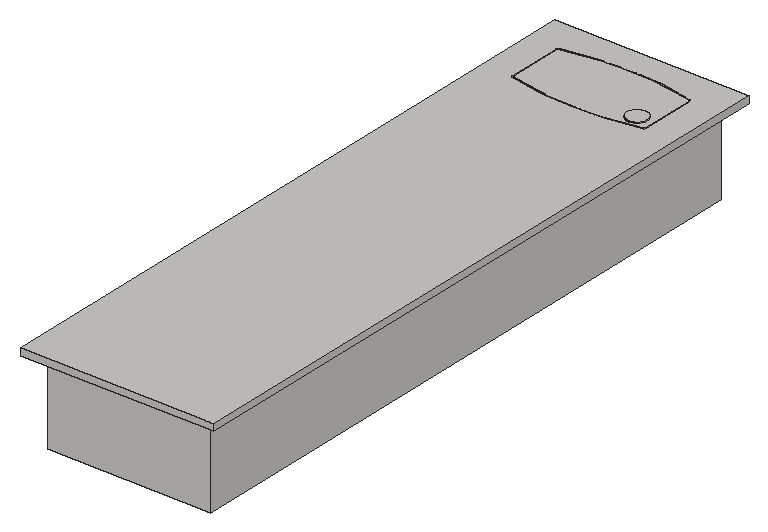
Revit family "Waste_Receptacle-Bradley_Corp-3157", category Specialty Equipment, host Face, Revit 2012
Parameters (values of type "Recessed")
  Width = 14 1/4"
  Warranty Information = "Complete unit, excepting mirrors warranted for one year.\r\n Stainless steel mirror frames for fifteen years.\r\n Plate glass mirrors for fifteen years.\r\n This warranty does not cover installation or any other labor charges and does not apply to any units,\r\n which have been damaged by accident, abuse, improper installation, improper maintenance, or altered in any way."
  Wall Opening Depth = 6 1/2"
  Version = "2.0"
  URL = "http://www.bradleycorp.com/"
  Type Comments = "Recessed"
  Technical Data = ""
  Specifications URL = "http://www.bradleycorp.com/3partspec"
  Product Tech Data URL - Spanish = ""
  Product Tech Data URL - French = ""
  Product Tech Data URL - English = "http://bradleycorp.com/download/211/8270.pdf"
  OmniClass Table 23 Title = "Installed Sanitary Waste Receptacles"
  OmniClass Table 23 Number = "23-21 43 23 11"
  OmniClass Table 21 Title = "Toilet, Bath, and Laundry Accessories"
  OmniClass Table 21 Number = "21-03 10 90 40"
  Modeling Code = ""
  Model = "3157-000000"
  MasterFormat Title = "Waste Receptacles"
  MasterFormat Number = "12 46 33"
  Manufacturer = "Bradley Corporation"
  Industry Standards = ""
  Height = 49 1/4"
  Fire Rating = "n/a"
  Description = "Waste Receptacle, 9.2 Gallon, Recessed"
  Depth of which projects = 1/2"
  Depth = 6 3/4"
  Default Elevation = 44"
  Copyright = "This Model Data is Property of Bradley Corporation"
  Collar Visibility = no
  Collar Depth Adjuster = 1/2"
  Cabinet Material = Bradley Corp Stainless Steel - Satin
  Buy American Act = "Yes"
  Assembly Code = "E1090200"
  ADA Compliant = "Yes"
Types (3): name | Wall Opening Depth | Type Comments | Model | Manufacturer | Description | Depth of which projects | Collar Visibility | Collar Depth Adjuster
  (no name) | 6 1/2" | "Recessed" | "3157-000000" | "Bradley Corporation" | "Waste Receptacle, 9.2 Gallon, Recessed" | 1/2" | no | 1/2"
  Recessed | 6 1/2" | "Recessed" | "3157-000000" | "Bradley Corporation" | "Waste Receptacle, 9.2 Gallon, Recessed" | 1/2" | no | 1/2"
  Semi-Recessed | 3" | "Semi-Recessed" | "3157-100000" | "Bradley Corp" | "Waste Receptacle, 9.2 Gallon, Semi-Recessed" | 3 3/4" | yes | 3 3/4"
Reference planes (in)
  plane 1 "Center (Front/Back)": y = 0
  plane 2: z = 0
  plane 3 "Center (Left/Right)": x = 0
  plane 4 "Front": z = 0.5
  plane 5 "Top": y = 24.625
  plane 6 "Left": x = 7.125
  plane 7 "Bottom": y = -24.625
  plane 8 "Right": x = -7.125
  plane 9 "Back": z = -6.25
  plane 10 "Panel": z = 0
  plane 11 "Collar": z = 0
  plane 12 "Center (Elevation)": y = 17.25
Forms (in)
  Extrusion 1, solid, material "Bradley Corp Stainless Steel - Satin" <- "Cabinet Material"
    sketch origin (0, 0, -6.25) x (-1, 0, 0) y (0, -1, 0)
      loop
        line (6, -23.5) -> (6, 23.5) -> (-6, 23.5) -> (-6, -23.5) -> (6, -23.5)
    from 0 to 6.25
  Extrusion 2, solid, material "Bradley Corp Stainless Steel - Satin" <- "Cabinet Material", detail levels coarse+medium
    sketch origin (0, 0, -6.25) x (-1, 0, 0) y (0, -1, 0)
      loop
        line (7.125, -24.625) -> (7.125, 24.625) -> (-7.125, 24.625) -> (-7.125, -24.625) -> (7.125, -24.625)
    from 6.25 to 6.75
  Extrusion 3, solid, material "Bradley Corp Stainless Steel - Satin" <- "Cabinet Material", detail levels fine
    sketch origin (0, 0, -6.25) x (-1, 0, 0) y (0, -1, 0)
      loop
        line (7.125, -24.625) -> (7.125, 24.625) -> (-7.125, 24.625) -> (-7.125, -24.625) -> (7.125, -24.625)
      loop
        line (4.95312, -21.95152) -> (4.95312, -18.04848)
        arc (4.95312, -18.04848) -> (4.89919, -17.89337) -> (4.76065, -17.80519) r 0.25
        arc (4.76065, -17.80519) -> (2.39646, -17.38927) -> (0, -17.25) r 20.68843
        arc (0, -17.25) -> (-2.39646, -17.38927) -> (-4.76065, -17.80519) r 20.68843
        arc (-4.76065, -17.80519) -> (-4.89919, -17.89337) -> (-4.95313, -18.04848) r 0.25
        line (-4.95313, -18.04848) -> (-4.95313, -21.95152)
        arc (-4.95313, -21.95152) -> (-4.89919, -22.10663) -> (-4.76065, -22.19481) r 0.25
        arc (-4.76065, -22.19481) -> (-2.39646, -22.61073) -> (0, -22.75) r 20.68843
        arc (0, -22.75) -> (2.39646, -22.61073) -> (4.76065, -22.19481) r 20.68843
        arc (4.76065, -22.19481) -> (4.89919, -22.10663) -> (4.95312, -21.95152) r 0.25
      loop
        arc (-4.73728, -22.09597) -> (0, -22.64844) -> (4.73728, -22.09597) r 20.58686
        arc (4.73728, -22.09597) -> (4.81954, -22.04361) -> (4.85156, -21.95152) r 0.14844
        line (4.85156, -21.95152) -> (4.85156, -18.04848)
        arc (4.85156, -18.04848) -> (4.81954, -17.95639) -> (4.73728, -17.90403) r 0.14844
        arc (4.73728, -17.90403) -> (-0.00703, -17.35156) -> (-4.75097, -17.90727) r 20.58686
        arc (-4.75097, -17.90727) -> (-4.82142, -17.93004) -> (-4.85156, -17.99766) r 0.09091
        line (-4.85156, -17.99766) -> (-4.85156, -21.95152)
        arc (-4.85156, -21.95152) -> (-4.81954, -22.04361) -> (-4.73728, -22.09597) r 0.14844
    from 6.25 to 6.75
  Extrusion 4, void
    sketch origin (0, 0, 0.5) x (-1, 0, 0) y (0, -1, 0)
      loop
        line (6.25, -23.75) -> (6.25, 23.75) -> (-6.25, 23.75) -> (-6.25, -23.75) -> (6.25, -23.75)
    from 0 to -7
  Extrusion 5, solid, material "Bradley Corp Stainless Steel - Satin" <- "Cabinet Material", detail levels fine
    sketch origin (-0.875, 0.5, 0) x (0, 1, 0) y (-1, 0, 0)
      loop
        circle (18.25, -4.5) r 0.75
    from 0.5 to 0.53125
Lines and regions (in)
  Split face 1
    outline origin (-0.875, 0.5, 0.53125) x (0, 1, 0) y (-1, 0, 0)
      loop
        line (18.38475, -4.10487) -> (17.64205, -4.20925) -> (17.64205, -4.76856) -> (18.38475, -4.87294) -> (18.38475, -4.83903) -> (17.69085, -4.7415) -> (17.69085, -4.23631) -> (18.38475, -4.13879) -> (18.38475, -4.10487)
  Split face 2
    outline origin (-0.875, 0.5, 0.53125) x (0, 1, 0) y (-1, 0, 0)
      loop
        line (18.27182, -4.25749) -> (18.00475, -4.52457)
        arc (18.00475, -4.52457) -> (18.1936, -4.60279) -> (18.27182, -4.79164) r 0.26708
        line (18.27182, -4.79164) -> (18.5389, -4.52457)
        arc (18.5389, -4.52457) -> (18.46067, -4.33572) -> (18.27182, -4.25749) r 0.26708
  Split face 3
    outline origin (-0.875, 0.5, 0.53125) x (0, 1, 0) y (-1, 0, 0)
      loop
        arc (18.87521, -4.8477) -> (18.91749, -4.63008) -> (18.87521, -4.41246) r 0.58124
        arc (18.87521, -4.41246) -> (18.73215, -4.27428) -> (18.53373, -4.28817) r 0.24445
        arc (18.53373, -4.28817) -> (18.71378, -4.41336) -> (18.76984, -4.62537) r 0.31771
        arc (18.76984, -4.62537) -> (18.69183, -4.57543) -> (18.64189, -4.49742) r 0.21615
        arc (18.64189, -4.49742) -> (18.67952, -4.70986) -> (18.78891, -4.89583) r 0.60851
        line (18.78891, -4.89583) -> (18.87521, -4.8477)
  Masking region 1
    outline origin (0, 0, 0.5) x (-1, 0, 0) y (0, -1, 0)
      loop
        line (7.125, -24.625) -> (7.125, 24.625) -> (-7.125, 24.625) -> (-7.125, -24.625) -> (7.125, -24.625)
  Masking region 2
    outline origin (0, 0, 0) x (1, 0, 0) y (0, 0, 1)
      loop
        line (-7.125, 0.5) -> (-7.125, 0) -> (7.125, 0) -> (7.125, 0.5) -> (-7.125, 0.5)
  Masking region 3
    outline origin (0, 0, 0) x (0, 1, 0) y (0, 0, 1)
      loop
        line (-24.625, 0.5) -> (-24.625, 0) -> (24.625, 0) -> (24.625, 0.5) -> (-24.625, 0.5)
  model lines, detail levels fine
    curve 1: circle (-5.625, 10.625, 0.5) r 0.5 normal (0, 0, 1)
    curve 2: circle (-5.625, -10.625, 0.5) r 0.5 normal (0, 0, 1)
    curve 15: circle (3.625, 18.75, 0) r 0.75 normal (0, 0, 1)
  model lines, visible <- "Collar Visibility", detail levels fine
    curve 3: line (7.125, -24.625, 0) -> (7.125, 24.625, 0)
    curve 4: line (7.125, 24.625, 0) -> (-7.125, 24.625, 0)
    curve 5: line (-7.125, 24.625, 0) -> (-7.125, -24.625, 0)
    curve 6: line (-7.125, -24.625, 0) -> (7.125, -24.625, 0)
  model lines, detail levels medium+fine
    curve 7: line (-4.95312, 18.02617, 0.5) -> (-4.95312, 21.95152, 0.5)
    curve 8: line (4.95313, 21.95152, 0.5) -> (4.95313, 18.04848, 0.5)
    curve 9: arc (-4.95312, 21.95152, 0.5) -> (-4.89919, 22.10663, 0.5) -> (-4.76065, 22.19481, 0.5) r 0.25
    curve 10: arc (-4.76065, 22.19481, 0.5) -> (0, 22.75, 0.5) -> (4.76065, 22.19481, 0.5) r 20.68843
    curve 11: arc (4.76065, 22.19481, 0.5) -> (4.89919, 22.10663, 0.5) -> (4.95313, 21.95152, 0.5) r 0.25
    curve 12: arc (4.95313, 18.04848, 0.5) -> (4.89919, 17.89337, 0.5) -> (4.76065, 17.80519, 0.5) r 0.25
    curve 13: arc (4.76065, 17.80519, 0.5) -> (0, 17.25, 0.5) -> (-4.76065, 17.80519, 0.5) r 20.68843
    curve 14: arc (-4.95312, 18.02617, 0.5) -> (-4.89826, 17.87965, 0.5) -> (-4.76065, 17.80519, 0.5) r 0.2231
  symbolic lines
    curve 16: arc (0, 22.75, 0.5) -> (2.39646, 22.61073, 0.5) -> (4.76065, 22.19481, 0.5) r 20.68843
    curve 17: arc (4.76065, 22.19481, 0.5) -> (4.89919, 22.10663, 0.5) -> (4.95313, 21.95152, 0.5) r 0.25
    curve 18: line (4.95313, 21.95152, 0.5) -> (4.95313, 18.04848, 0.5)
    curve 19: arc (4.95313, 18.04848, 0.5) -> (4.89919, 17.89337, 0.5) -> (4.76065, 17.80519, 0.5) r 0.25
    curve 20: arc (4.76065, 17.80519, 0.5) -> (2.39646, 17.38927, 0.5) -> (0, 17.25, 0.5) r 20.68843
    curve 21: arc (0, 17.25, 0.5) -> (-2.39646, 17.38927, 0.5) -> (-4.76065, 17.80519, 0.5) r 20.68843
    curve 22: arc (-4.76065, 17.80519, 0.5) -> (-4.89919, 17.89337, 0.5) -> (-4.95312, 18.04848, 0.5) r 0.25
    curve 23: line (-4.95312, 18.02617, 0.5) -> (-4.95312, 21.95152, 0.5)
    curve 24: arc (-4.95312, 21.95152, 0.5) -> (-4.89919, 22.10663, 0.5) -> (-4.76065, 22.19481, 0.5) r 0.25
    curve 25: arc (-4.76065, 22.19481, 0.5) -> (-2.39646, 22.61073, 0.5) -> (0, 22.75, 0.5) r 20.68843
  symbolic lines, detail levels medium+fine
    curve 26: circle (3.625, 18.75, 0.5) r 0.75 normal (0, 0, 1)
    curve 45: circle (-5.625, 10.625, 0.5) r 0.5 normal (0, 0, 1)
    curve 46: circle (-5.625, -10.625, 0.5) r 0.5 normal (0, 0, 1)
  symbolic lines, detail levels fine
    curve 27: arc (3.53746, 19.37521, 0.5) -> (3.39928, 19.23215, 0.5) -> (3.41317, 19.03373, 0.5) r 0.24445
    curve 28: arc (3.41317, 19.03373, 0.5) -> (3.53836, 19.21378, 0.5) -> (3.75037, 19.26984, 0.5) r 0.31771
    curve 29: arc (3.75037, 19.26984, 0.5) -> (3.70043, 19.19183, 0.5) -> (3.62242, 19.14189, 0.5) r 0.21615
    curve 30: arc (3.62242, 19.14189, 0.5) -> (3.83486, 19.17952, 0.5) -> (4.02083, 19.28891, 0.5) r 0.60851
    curve 31: line (4.02083, 19.28891, 0.5) -> (3.9727, 19.37521, 0.5)
    curve 32: arc (3.9727, 19.37521, 0.5) -> (3.75508, 19.41749, 0.5) -> (3.53746, 19.37521, 0.5) r 0.58124
    curve 33: arc (3.38249, 18.77182, 0.5) -> (3.46072, 18.96067, 0.5) -> (3.64957, 19.0389, 0.5) r 0.26708
    curve 34: line (3.64957, 19.0389, 0.5) -> (3.91664, 18.77182, 0.5)
    curve 35: arc (3.91664, 18.77182, 0.5) -> (3.72779, 18.6936, 0.5) -> (3.64957, 18.50475, 0.5) r 0.26708
    curve 36: line (3.64957, 18.50475, 0.5) -> (3.38249, 18.77182, 0.5)
    curve 37: line (3.33425, 18.14205, 0.5) -> (3.22987, 18.88475, 0.5)
    curve 38: line (3.22987, 18.88475, 0.5) -> (3.26379, 18.88475, 0.5)
    curve 39: line (3.26379, 18.88475, 0.5) -> (3.36131, 18.19085, 0.5)
    curve 40: line (3.36131, 18.19085, 0.5) -> (3.8665, 18.19085, 0.5)
    curve 41: line (3.8665, 18.19085, 0.5) -> (3.96403, 18.88475, 0.5)
    curve 42: line (3.96403, 18.88475, 0.5) -> (3.99794, 18.88475, 0.5)
    curve 43: line (3.99794, 18.88475, 0.5) -> (3.89356, 18.14205, 0.5)
    curve 44: line (3.89356, 18.14205, 0.5) -> (3.33425, 18.14205, 0.5)
Dimensions and locks (in)
  "Width": plane 8 "Right" to plane 6 "Left"
  "Height": plane 5 "Top" to plane 7 "Bottom"
  equal spacing: plane 7 "Bottom", plane 1 "Center (Front/Back)", plane 5 "Top"
  equal spacing: plane 8 "Right", plane 3 "Center (Left/Right)", plane 6 "Left"
  "Depth": plane 4 "Front" to plane 9 "Back"
  locked: Extrusion 1 sketch curve to Extrusion 1 sketch curve at 12
  locked: Extrusion 1 sketch curve to Extrusion 1 sketch curve at 47
  locked: Extrusion 1 sketch curve to plane 3 "Center (Left/Right)" at 6
  locked: plane 1 "Center (Front/Back)" to Extrusion 1 sketch curve at 23.5
  locked: plane 4 "Front" to plane 10 "Panel" at 0.5
  plane 5 "Top" to curve 1 = 14"
  plane 7 "Bottom" to curve 2 = 14"
  plane 8 "Right" to curve 2 = 1 1/2"
  plane 8 "Right" to curve 1 = 1 1/2"
  locked: Extrusion 3 sketch curve to Extrusion 3 sketch curve at 9.90625
  equal spacing: Extrusion 3 sketch curve, plane 3 "Center (Left/Right)", Extrusion 3 sketch curve
  locked: Extrusion 4 sketch curve to Extrusion 4 sketch curve at 12.5
  locked: Extrusion 4 sketch curve to Extrusion 4 sketch curve at 47.5
  locked: Extrusion 4 sketch curve to plane 3 "Center (Left/Right)" at 6.25
  locked: plane 1 "Center (Front/Back)" to Extrusion 4 sketch curve at 23.75
  "Wall Opening Depth": Extrusion 4 to plane 2
  "Collar Depth Adjuster": plane 4 "Front" to plane 11 "Collar"
  "Depth of which projects": plane 4 "Front" to plane 2
  locked: Extrusion 5 to plane 4 "Front" at 0.03125
  locked: plane 12 "Center (Elevation)" to curve 15 at 1.5
  locked: curve 15 to plane 6 "Left" at 3.5
  aligned and locked: plane 2 to host face
  aligned and locked: level to host face
  aligned and locked: Extrusion 1 to plane 9 "Back"
  aligned and locked: plane 10 "Panel" to Extrusion 1
  aligned and locked: Extrusion 2 sketch curve to plane 8 "Right"
  aligned and locked: Extrusion 2 sketch curve to plane 7 "Bottom"
  aligned and locked: Extrusion 2 sketch curve to plane 6 "Left"
  aligned and locked: Extrusion 2 sketch curve to plane 5 "Top"
  aligned and locked: plane 4 "Front" to Extrusion 2
  aligned and locked: Extrusion 3 sketch curve to Extrusion 2  (x3)
  aligned and locked: Extrusion 2 to Extrusion 3 sketch curve
  aligned and locked: plane 4 "Front" to Extrusion 3
  aligned and locked: curve 6 to plane 10 "Panel"
  aligned and locked: curve 5 to plane 10 "Panel"
  aligned and locked: curve 3 to curve 5
  aligned and locked: curve 7 to Extrusion 3
  aligned and locked: curve 8 to Extrusion 3
  aligned and locked: plane 10 "Panel" to curve 4
  aligned and locked: Extrusion 4 to plane 4 "Front"
  aligned and locked: Extrusion 2 to plane 11 "Collar"
  aligned and locked: Extrusion 3 to plane 11 "Collar"
  aligned and locked: Extrusion 5 sketch curve to curve 15
  aligned and locked: Extrusion 5 to plane 4 "Front"
  aligned and locked: Masking region 1 sketch curve to curve 4
  aligned and locked: Masking region 1 sketch curve to curve 5
  aligned and locked: Masking region 1 sketch curve to curve 6
  aligned and locked: Masking region 1 sketch curve to curve 3
  aligned and locked: Masking region 2 sketch curve to Extrusion 2  (x4)
  aligned and locked: Masking region 3 sketch curve to Extrusion 2  (x4)
Automatic sketch dimensions
  host sketch curve to host sketch curve = 23.29128"
  host sketch curve to host sketch curve = 63.31609"
  curve 3 to Extrusion 3 = 0"  (x2)
  curve 4 to Extrusion 3 = 0"  (x2)
  curve 5 to Extrusion 3 = 0"  (x2)
  curve 6 to Extrusion 3 = 0"  (x2)
  Extrusion 3 sketch curve to Extrusion 3 sketch curve = 0"  (x17)
  Extrusion 3 sketch curve to plane 3 "Center (Left/Right)" = 0"  (x2)
  Extrusion 3 sketch curve to Extrusion 3 sketch curve = 0.09091"  (x3)
  Extrusion 3 sketch curve to Extrusion 3 sketch curve = 0.00968"
  Extrusion 3 sketch curve to Extrusion 3 sketch curve = 0.02337"  (x2)
  Extrusion 3 sketch curve to Extrusion 3 sketch curve = 0.03416"  (x3)
  Extrusion 3 sketch curve to Extrusion 3 sketch curve = 0.05753"
  Extrusion 3 sketch curve to Extrusion 3 sketch curve = 1/4"
  plane 5 "Top" to Extrusion 3 sketch curve = 13.31343"
  Extrusion 3 sketch curve to plane 5 "Top" = 1 7/8"
  Split face 1 sketch curve to Split face 1 sketch curve = 0.0488"
  Split face 1 sketch curve to Split face 1 sketch curve = 0.6939"  (x2)
  Split face 1 sketch curve to Split face 1 sketch curve = 0.03392"  (x2)
  Split face 1 sketch curve to Split face 1 sketch curve = 0.07046"
  Split face 1 sketch curve to Split face 1 sketch curve = 0.02706"  (x2)
  Split face 1 sketch curve to Split face 1 sketch curve = 0.50519"
  Split face 1 sketch curve to Split face 1 sketch curve = 0.70023"
  Split face 2 sketch curve to Split face 2 sketch curve = 0.26708"  (x4)
  Split face 3 sketch curve to Split face 3 sketch curve = 0.11727"
  Split face 3 sketch curve to Split face 3 sketch curve = 0.0802"
  Split face 3 sketch curve to Split face 3 sketch curve = 0.18836"
  Split face 3 sketch curve to Split face 3 sketch curve = 0.00666"
  Split face 3 sketch curve to Split face 3 sketch curve = 0.1213"
  Split face 3 sketch curve to Split face 3 sketch curve = 0.01907"
  Split face 3 sketch curve to Split face 3 sketch curve = 0.19613"
  Split face 3 sketch curve to Split face 3 sketch curve = 0.0863"
  Split face 3 sketch curve to Split face 3 sketch curve = 0.03054"
  Split face 3 sketch curve to Split face 3 sketch curve = 0"
  Split face 3 sketch curve to Split face 3 sketch curve = 0.37518"
  Split face 3 sketch curve to Split face 3 sketch curve = 0.04813"
  Split face 3 sketch curve to Split face 3 sketch curve = 0.26575"
  Split face 3 sketch curve to Split face 3 sketch curve = 0.12138"
  Split face 3 sketch curve to Split face 3 sketch curve = 0.08673"
  curve 15 to plane 6 "Left" = 3 1/2"
  curve 15 to plane 12 "Center (Elevation)" = 1 1/2"
  curve 1 to curve 45 = 0"  (x2)
  curve 2 to curve 46 = 0"  (x2)
  curve 9 to curve 24 = 0"  (x2)
  curve 10 to curve 16 = 0"  (x2)
  curve 10 to curve 25 = 0"  (x2)
  curve 11 to curve 17 = 0"  (x2)
  curve 12 to curve 19 = 0"  (x2)
  curve 13 to curve 20 = 0"  (x2)
  curve 13 to curve 21 = 0"  (x2)
  curve 16 to curve 25 = 0"  (x2)
  curve 20 to curve 21 = 0"  (x2)
  curve 25 to plane 3 "Center (Left/Right)" = 0"
  curve 21 to plane 3 "Center (Left/Right)" = 0"
  plane 12 "Center (Elevation)" to curve 21 = 0"
  curve 12 to curve 13 = 0.19247"
  curve 11 to curve 17 = 0.19247"
  curve 12 to curve 20 = 0"
  curve 10 to curve 11 = 0"
  curve 16 to curve 17 = 0"
  curve 8 to curve 17 = 1/4"
  curve 13 to curve 19 = 0.05753"
  curve 12 to curve 30 = 0.6823"
  curve 30 to curve 42 = 0.02288"
  curve 31 to curve 31 = 0.04813"
  curve 42 to curve 41 = 0.03392"
  curve 41 to curve 35 = 0.04738"
  curve 35 to curve 44 = 0.02308"
  curve 43 to curve 40 = 0.02706"
  curve 34 to curve 32 = 0.16156"
  curve 31 to curve 29 = 0.22233"
  curve 32 to curve 28 = 0.03449"
  curve 32 to curve 33 = 0.10551"
  curve 35 to curve 33 = 0"
  curve 33 to curve 27 = 0.02058"
  curve 33 to curve 26 = 0.02457"
  curve 29 to curve 30 = 0.12618"
  curve 27 to curve 29 = 0.00657"
  curve 27 to curve 29 = 0.08141"
  curve 29 to curve 27 = 0.01012"
  curve 32 to curve 27 = 0"
  curve 30 to curve 27 = 0.20924"
  curve 26 to curve 33 = 0.24251"
  curve 39 to plane 12 "Center (Elevation)" = 0.94085"
  curve 36 to curve 39 = 0.28825"
  curve 39 to curve 44 = 0.02706"
  curve 36 to curve 38 = 0.1187"
  curve 38 to curve 38 = 0.03392"
  curve 9 to curve 24 = 1/4"
  curve 22 to curve 7 = 1/4"
  curve 22 to curve 14 = 0.0269"
  curve 14 to curve 13 = 0.03062"
  curve 9 to curve 10 = 0.05753"
  curve 22 to curve 21 = 0"
  curve 16 to plane 5 "Top" = 1 7/8"
  curve 30 to curve 40 = 1.55954"
  curve 30 to curve 32 = 0.37518"
  curve 32 to curve 29 = 0.03054"
  curve 32 to curve 31 = 0.0863"
  curve 27 to curve 29 = 0.00666"
  curve 29 to curve 33 = 0.10299"
  curve 39 to curve 36 = 0.11293"
  curve 43 to curve 32 = 0.0485"
  curve 41 to curve 34 = 0.11293"
  curve 33 to curve 26 = 0.02182"
  curve 40 to curve 44 = 0.0488"
  radius of curve 15 = 3/4"
  radius of curve 1 = 1/2"
  radius of curve 2 = 1/2"
  radius of curve 26 = 3/4"
  radius of curve 45 = 1/2"
  radius of curve 46 = 1/2"
